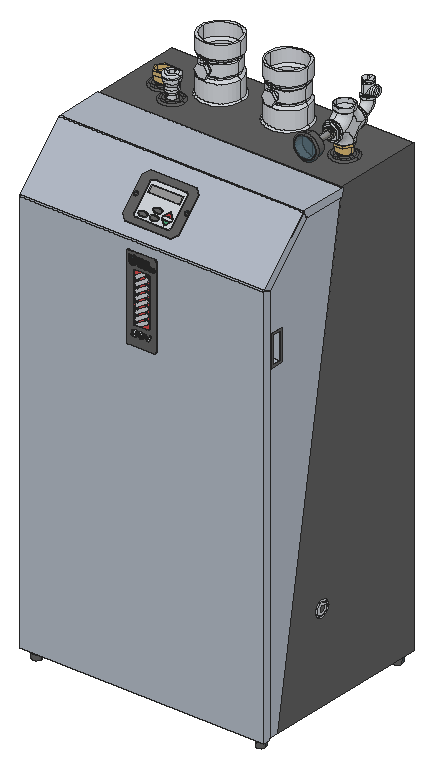
Revit family "Boiler-Helix_SSV_399", category Mechanical Equipment, Revit 2017 (continued)
Automatic sketch dimensions
  Extrusion 18 sketch curve to Extrusion 18 sketch curve = 0' - 3"
  Extrusion 19 sketch curve to Extrusion 19 sketch curve = 0' - 0"  (x83)
  plane 16 to Extrusion 19 sketch curve = 0' - 0"
  Extrusion 19 sketch curve to plane 3 "Center (Left/Right)" = 0' - 1.36562"
  Extrusion 19 sketch curve to plane 8 = 1' - 4.13509"
  Extrusion 19 sketch curve to plane 3 "Center (Left/Right)" = 0' - 1.41108"
  Extrusion 19 sketch curve to Extrusion 19 sketch curve = 0' - 0.2785"
  Extrusion 19 sketch curve to Extrusion 19 sketch curve = 0' - 0.32395"
  Extrusion 19 sketch curve to Extrusion 19 sketch curve = 0' - 0.07348"
  Extrusion 19 sketch curve to Extrusion 19 sketch curve = 0' - 0.21817"
  Extrusion 19 sketch curve to Extrusion 19 sketch curve = 0' - 0.07629"  (x2)
  Extrusion 19 sketch curve to Extrusion 19 sketch curve = 0' - 0.35993"
  Extrusion 19 sketch curve to Extrusion 19 sketch curve = 0' - 0.03861"
  Extrusion 19 sketch curve to plane 3 "Center (Left/Right)" = 0' - 0.8621"
  Extrusion 19 sketch curve to Extrusion 19 sketch curve = 0' - 0.09647"  (x3)
  Extrusion 19 sketch curve to Extrusion 19 sketch curve = 0' - 0.21895"
  Extrusion 19 sketch curve to Extrusion 19 sketch curve = 0' - 0.03885"
  Extrusion 19 sketch curve to Extrusion 19 sketch curve = 0' - 0.04787"
  Extrusion 19 sketch curve to Extrusion 19 sketch curve = 0' - 0.07294"  (x2)
  Extrusion 19 sketch curve to plane 3 "Center (Left/Right)" = 0' - 0.53946"
  Extrusion 19 sketch curve to Extrusion 19 sketch curve = 0' - 0.07042"  (x2)
  Extrusion 19 sketch curve to Extrusion 19 sketch curve = 0' - 0.10997"  (x2)
  Extrusion 19 sketch curve to Extrusion 19 sketch curve = 0' - 0.11857"
  Extrusion 19 sketch curve to Extrusion 19 sketch curve = 0' - 0.09481"
  Extrusion 19 sketch curve to Extrusion 19 sketch curve = 0' - 0.0958"  (x2)
  Extrusion 19 sketch curve to Extrusion 19 sketch curve = 0' - 0.03531"
  Extrusion 19 sketch curve to Extrusion 19 sketch curve = 0' - 0.04669"
  Extrusion 19 sketch curve to Extrusion 19 sketch curve = 0' - 0.02114"
  Extrusion 19 sketch curve to Extrusion 19 sketch curve = 0' - 0.04967"
  Extrusion 19 sketch curve to Extrusion 19 sketch curve = 0' - 0.10588"
  Extrusion 19 sketch curve to Extrusion 19 sketch curve = 0' - 0 3/128"
  Extrusion 19 sketch curve to plane 3 "Center (Left/Right)" = 0' - 0.04693"
  plane 3 "Center (Left/Right)" to Extrusion 19 sketch curve = 0' - 0.00164"  (x2)
  plane 3 "Center (Left/Right)" to Extrusion 19 sketch curve = 0' - 0.0502"
  Extrusion 19 sketch curve to Extrusion 19 sketch curve = 0' - 0.08262"
  Extrusion 19 sketch curve to Extrusion 19 sketch curve = 0' - 0.09997"
  plane 3 "Center (Left/Right)" to Extrusion 19 sketch curve = 0' - 0.1871"
  Extrusion 19 sketch curve to Extrusion 19 sketch curve = 0' - 0.10118"
  plane 3 "Center (Left/Right)" to Extrusion 19 sketch curve = 0' - 0.26896"
  Extrusion 19 sketch curve to Extrusion 19 sketch curve = 0' - 0.02246"
  Extrusion 19 sketch curve to Extrusion 19 sketch curve = 0' - 0.10261"
  Extrusion 19 sketch curve to Extrusion 19 sketch curve = 0' - 0.01885"
  Extrusion 19 sketch curve to Extrusion 19 sketch curve = 0' - 0.17218"  (x2)
  Extrusion 19 sketch curve to Extrusion 19 sketch curve = 0' - 0.079"
  Extrusion 19 sketch curve to Extrusion 19 sketch curve = 0' - 0 13/128"
  Extrusion 19 sketch curve to Extrusion 19 sketch curve = 0' - 0.03389"
  Extrusion 19 sketch curve to Extrusion 19 sketch curve = 0' - 0.07365"
  Extrusion 19 sketch curve to Extrusion 19 sketch curve = 0' - 0.02383"
  Extrusion 19 sketch curve to Extrusion 19 sketch curve = 0' - 0.05863"
  plane 3 "Center (Left/Right)" to Extrusion 19 sketch curve = 0' - 0.60623"
  Extrusion 19 sketch curve to Extrusion 19 sketch curve = 0' - 0.06952"
  Extrusion 19 sketch curve to Extrusion 19 sketch curve = 0' - 0.13088"
  Extrusion 19 sketch curve to Extrusion 19 sketch curve = 0' - 0.10896"
  Extrusion 19 sketch curve to Extrusion 19 sketch curve = 0' - 0.06226"
  Extrusion 19 sketch curve to Extrusion 19 sketch curve = 0' - 0.07978"
  Extrusion 19 sketch curve to Extrusion 19 sketch curve = 0' - 0.08728"  (x2)
  Extrusion 19 sketch curve to Extrusion 19 sketch curve = 0' - 0.11514"
  Extrusion 19 sketch curve to Extrusion 19 sketch curve = 0' - 0.10318"
  Extrusion 19 sketch curve to Extrusion 19 sketch curve = 0' - 0.09735"
  Extrusion 19 sketch curve to Extrusion 19 sketch curve = 0' - 0.15659"
  Extrusion 19 sketch curve to Extrusion 19 sketch curve = 0' - 0.33927"
  Extrusion 19 sketch curve to Extrusion 19 sketch curve = 0' - 0.11566"
  Extrusion 19 sketch curve to Extrusion 19 sketch curve = 0' - 0.01256"
  Extrusion 19 sketch curve to Extrusion 19 sketch curve = 0' - 0.12823"
  Extrusion 19 sketch curve to Extrusion 19 sketch curve = 0' - 0.0164"
  Extrusion 19 sketch curve to Extrusion 19 sketch curve = 0' - 0.48272"
  Extrusion 19 sketch curve to Extrusion 19 sketch curve = 0' - 0.0956"
  Extrusion 19 sketch curve to Extrusion 19 sketch curve = 0' - 0.11413"
  Extrusion 19 sketch curve to Extrusion 19 sketch curve = 0' - 0.04802"
  Extrusion 19 sketch curve to Extrusion 19 sketch curve = 0' - 0.05658"
  Extrusion 19 sketch curve to Extrusion 19 sketch curve = 0' - 0.00873"
  Extrusion 19 sketch curve to Extrusion 19 sketch curve = 0' - 0.0911"
  Extrusion 19 sketch curve to Extrusion 19 sketch curve = 0' - 0.06749"
  Extrusion 19 sketch curve to Extrusion 19 sketch curve = 0' - 0.11269"
  Extrusion 19 sketch curve to Extrusion 19 sketch curve = 0' - 0.09816"
  Extrusion 19 sketch curve to Extrusion 19 sketch curve = 0' - 0.09327"
  plane 16 to Extrusion 19 sketch curve = 0' - 0.32395"  (x2)
  Extrusion 19 sketch curve to Extrusion 19 sketch curve = 0' - 0.08881"
  Extrusion 19 sketch curve to Extrusion 19 sketch curve = 0' - 0.08424"
  Extrusion 19 sketch curve to Extrusion 19 sketch curve = 0' - 0.37748"
  Extrusion 19 sketch curve to Extrusion 19 sketch curve = 0' - 0.13555"
  Extrusion 19 sketch curve to Extrusion 19 sketch curve = 0' - 0.15705"
  Extrusion 19 sketch curve to Extrusion 19 sketch curve = 0' - 0.10862"
  Extrusion 19 sketch curve to Extrusion 19 sketch curve = 0' - 0 3/256"
  Extrusion 19 sketch curve to Extrusion 19 sketch curve = 0' - 0.22901"
  Extrusion 19 sketch curve to Extrusion 19 sketch curve = 0' - 0.03445"
  Extrusion 19 sketch curve to Extrusion 19 sketch curve = 0' - 0.02652"
  Extrusion 19 sketch curve to Extrusion 19 sketch curve = 0' - 0.04898"
  Extrusion 19 sketch curve to Extrusion 19 sketch curve = 0' - 0.0088"  (x2)
  Extrusion 19 sketch curve to Extrusion 19 sketch curve = 0' - 0.04351"
  Extrusion 19 sketch curve to Extrusion 19 sketch curve = 0' - 0.0283"
  Extrusion 19 sketch curve to Extrusion 19 sketch curve = 0' - 0.06703"  (x2)
  Extrusion 19 sketch curve to Extrusion 19 sketch curve = 0' - 0.04755"
  Extrusion 19 sketch curve to Extrusion 19 sketch curve = 0' - 0.00424"
  Extrusion 19 sketch curve to Extrusion 19 sketch curve = 0' - 0.08924"  (x2)
  Extrusion 19 sketch curve to Extrusion 19 sketch curve = 0' - 0.04552"  (x2)
  Extrusion 19 sketch curve to Extrusion 19 sketch curve = 0' - 0.05781"
  Extrusion 19 sketch curve to Extrusion 19 sketch curve = 0' - 0.03825"  (x2)
  Extrusion 19 sketch curve to Extrusion 19 sketch curve = 0' - 0.0483"  (x2)
  Extrusion 19 sketch curve to Extrusion 19 sketch curve = 0' - 0.01642"  (x2)
  Extrusion 19 sketch curve to Extrusion 19 sketch curve = 0' - 0.06549"
  Extrusion 19 sketch curve to Extrusion 19 sketch curve = 0' - 0.01209"  (x2)
  Extrusion 19 sketch curve to Extrusion 19 sketch curve = 0' - 0.05401"
  Extrusion 19 sketch curve to Extrusion 19 sketch curve = 0' - 0.09068"
  Extrusion 19 sketch curve to Extrusion 19 sketch curve = 0' - 0.10826"
  Extrusion 19 sketch curve to Extrusion 19 sketch curve = 0' - 0.15611"
  Extrusion 19 sketch curve to Extrusion 19 sketch curve = 0' - 0.00327"
  Extrusion 19 sketch curve to Extrusion 19 sketch curve = 0' - 0.0024"
  Extrusion 19 sketch curve to Extrusion 19 sketch curve = 0' - 0.1125"
  Extrusion 19 sketch curve to Extrusion 19 sketch curve = 0' - 0.05528"
  Extrusion 19 sketch curve to Extrusion 19 sketch curve = 0' - 0.17981"
  Extrusion 19 sketch curve to Extrusion 19 sketch curve = 0' - 0.01933"
  Extrusion 19 sketch curve to Extrusion 19 sketch curve = 0' - 0.18296"
  Extrusion 19 sketch curve to Extrusion 19 sketch curve = 0' - 0.12689"
  Extrusion 19 sketch curve to Extrusion 19 sketch curve = 0' - 0.00949"  (x2)
  Extrusion 19 sketch curve to Extrusion 19 sketch curve = 0' - 0.04998"
  Extrusion 19 sketch curve to Extrusion 19 sketch curve = 0' - 0.02543"
  Extrusion 19 sketch curve to Extrusion 19 sketch curve = 0' - 0.07168"
  Extrusion 19 sketch curve to Extrusion 19 sketch curve = 0' - 0.04929"
  Extrusion 19 sketch curve to Extrusion 19 sketch curve = 0' - 0.06817"
  Extrusion 19 sketch curve to Extrusion 19 sketch curve = 0' - 0.02295"
  Extrusion 19 sketch curve to Extrusion 19 sketch curve = 0' - 0.10729"
  Extrusion 19 sketch curve to Extrusion 19 sketch curve = 0' - 0.00814"
  Extrusion 19 sketch curve to Extrusion 19 sketch curve = 0' - 0.07174"
  Extrusion 19 sketch curve to Extrusion 19 sketch curve = 0' - 0.09389"
  Extrusion 19 sketch curve to Extrusion 19 sketch curve = 0' - 0.05233"
  Extrusion 19 sketch curve to Extrusion 19 sketch curve = 0' - 0.02208"  (x2)
  Extrusion 19 sketch curve to Extrusion 19 sketch curve = 0' - 0.07581"  (x2)
  Extrusion 19 sketch curve to Extrusion 19 sketch curve = 0' - 0.01719"  (x2)
  Extrusion 19 sketch curve to Extrusion 19 sketch curve = 0' - 0.10138"
  Extrusion 19 sketch curve to Extrusion 19 sketch curve = 0' - 0.13332"
  Extrusion 19 sketch curve to Extrusion 19 sketch curve = 0' - 0.04019"
  Extrusion 19 sketch curve to Extrusion 19 sketch curve = 0' - 0.11563"
  Extrusion 19 sketch curve to Extrusion 19 sketch curve = 0' - 0.03775"
  Extrusion 19 sketch curve to Extrusion 19 sketch curve = 0' - 0.00842"
  Extrusion 19 sketch curve to Extrusion 19 sketch curve = 0' - 0.03106"
  Extrusion 19 sketch curve to Extrusion 19 sketch curve = 0' - 0.01519"  (x2)
  Extrusion 19 sketch curve to Extrusion 19 sketch curve = 0' - 0.02803"
  Extrusion 19 sketch curve to Extrusion 19 sketch curve = 0' - 0.0696"
  Extrusion 19 sketch curve to Extrusion 19 sketch curve = 0' - 0.09497"
  Extrusion 19 sketch curve to plane 3 "Center (Left/Right)" = 0' - 0.13854"
  Extrusion 19 sketch curve to plane 3 "Center (Left/Right)" = 0' - 0.11192"
  Extrusion 19 sketch curve to plane 3 "Center (Left/Right)" = 0' - 0.08326"
  Extrusion 19 sketch curve to plane 3 "Center (Left/Right)" = 0' - 0.07556"
  Extrusion 19 sketch curve to plane 3 "Center (Left/Right)" = 0' - 0.07241"
  Extrusion 19 sketch curve to plane 3 "Center (Left/Right)" = 0' - 0.06566"
  Extrusion 19 sketch curve to plane 3 "Center (Left/Right)" = 0' - 0.04697"
  Extrusion 19 sketch curve to plane 3 "Center (Left/Right)" = 0' - 0.04024"
  Extrusion 19 sketch curve to plane 3 "Center (Left/Right)" = 0' - 0.02312"
  Extrusion 19 sketch curve to plane 3 "Center (Left/Right)" = 0' - 0.00018"
  plane 3 "Center (Left/Right)" to Extrusion 19 sketch curve = 0' - 0.03811"
  plane 3 "Center (Left/Right)" to Extrusion 19 sketch curve = 0' - 0.04691"
  plane 3 "Center (Left/Right)" to Extrusion 19 sketch curve = 0' - 0.06899"  (x2)
  Extrusion 19 sketch curve to Extrusion 19 sketch curve = 0' - 0.08886"
  Extrusion 19 sketch curve to Extrusion 19 sketch curve = 0' - 0.1353"
  Extrusion 19 sketch curve to Extrusion 19 sketch curve = 0' - 0.04095"
  Extrusion 19 sketch curve to Extrusion 19 sketch curve = 0' - 0.01164"
  Extrusion 19 sketch curve to Extrusion 19 sketch curve = 0' - 0.04424"
  Extrusion 19 sketch curve to Extrusion 19 sketch curve = 0' - 0.0254"
  Extrusion 19 sketch curve to Extrusion 19 sketch curve = 0' - 0.02354"
  Extrusion 19 sketch curve to Extrusion 19 sketch curve = 0' - 0.13391"
  Extrusion 19 sketch curve to Extrusion 19 sketch curve = 0' - 0.00229"
  Extrusion 19 sketch curve to Extrusion 19 sketch curve = 0' - 0.03986"
  Extrusion 19 sketch curve to Extrusion 19 sketch curve = 0' - 0.01868"
  Extrusion 19 sketch curve to Extrusion 19 sketch curve = 0' - 0.0285"
  Extrusion 19 sketch curve to Extrusion 19 sketch curve = 0' - 0.04232"
  Extrusion 19 sketch curve to Extrusion 19 sketch curve = 0' - 0.09256"
  Extrusion 19 sketch curve to Extrusion 19 sketch curve = 0' - 0.01788"
  Extrusion 19 sketch curve to Extrusion 19 sketch curve = 0' - 0.06989"
  Extrusion 19 sketch curve to Extrusion 19 sketch curve = 0' - 0.00421"
  Extrusion 19 sketch curve to Extrusion 19 sketch curve = 0' - 0.03043"
  Extrusion 19 sketch curve to Extrusion 19 sketch curve = 0' - 0.01941"
  Extrusion 19 sketch curve to Extrusion 19 sketch curve = 0' - 0.00213"
  Extrusion 19 sketch curve to Extrusion 19 sketch curve = 0' - 0.00027"
  Extrusion 19 sketch curve to Extrusion 19 sketch curve = 0' - 0.02357"
  Extrusion 19 sketch curve to Extrusion 19 sketch curve = 0' - 0.0028"
  Extrusion 19 sketch curve to Extrusion 19 sketch curve = 0' - 0.00286"
  Extrusion 19 sketch curve to Extrusion 19 sketch curve = 0' - 0.00034"
  Extrusion 19 sketch curve to Extrusion 19 sketch curve = 0' - 0.00111"
  Extrusion 19 sketch curve to Extrusion 19 sketch curve = 0' - 0.02212"
  Extrusion 19 sketch curve to Extrusion 19 sketch curve = 0' - 0.01583"
  Extrusion 19 sketch curve to Extrusion 19 sketch curve = 0' - 0.01125"
  Extrusion 19 sketch curve to Extrusion 19 sketch curve = 0' - 0.03953"
  Extrusion 19 sketch curve to Extrusion 19 sketch curve = 0' - 0.01506"
  Extrusion 19 sketch curve to Extrusion 19 sketch curve = 0' - 0.09886"
  Extrusion 19 sketch curve to Extrusion 19 sketch curve = 0' - 0.67683"
  Extrusion 19 sketch curve to Extrusion 19 sketch curve = 0' - 0.79462"
  Extrusion 19 sketch curve to Extrusion 19 sketch curve = 0' - 0.1399"
  Extrusion 19 sketch curve to Extrusion 19 sketch curve = 0' - 0.09304"  (x2)
  Extrusion 19 sketch curve to Extrusion 19 sketch curve = 0' - 0.26686"
  Extrusion 19 sketch curve to Extrusion 19 sketch curve = 0' - 0.02112"
  Extrusion 19 sketch curve to Extrusion 19 sketch curve = 0' - 0.08588"  (x2)
  Extrusion 19 sketch curve to Extrusion 19 sketch curve = 0' - 0.05003"
  Extrusion 19 sketch curve to Extrusion 19 sketch curve = 0' - 0.47369"
  Extrusion 19 sketch curve to Extrusion 19 sketch curve = 0' - 0.54614"
  Extrusion 19 sketch curve to Extrusion 19 sketch curve = 0' - 5.30706"
  Extrusion 19 sketch curve to Extrusion 19 sketch curve = 0' - 0.46098"
  Extrusion 19 sketch curve to Extrusion 19 sketch curve = 0' - 0.46778"
  Extrusion 19 sketch curve to Extrusion 19 sketch curve = 0' - 0.08918"
  Extrusion 19 sketch curve to Extrusion 19 sketch curve = 0' - 0.09843"
  Extrusion 19 sketch curve to Extrusion 19 sketch curve = 0' - 0.12791"
  Extrusion 19 sketch curve to Extrusion 19 sketch curve = 0' - 0.00997"
  Extrusion 19 sketch curve to Extrusion 19 sketch curve = 0' - 0.00791"
  Extrusion 19 sketch curve to Extrusion 19 sketch curve = 0' - 0.06645"  (x2)
  Extrusion 19 sketch curve to Extrusion 19 sketch curve = 0' - 0.06724"
  Extrusion 19 sketch curve to Extrusion 19 sketch curve = 0' - 0.06113"
  Extrusion 19 sketch curve to Extrusion 19 sketch curve = 0' - 0.08795"
  Extrusion 19 sketch curve to Extrusion 19 sketch curve = 0' - 0.09399"
  Extrusion 19 sketch curve to Extrusion 19 sketch curve = 0' - 0.06911"
  Extrusion 19 sketch curve to Extrusion 19 sketch curve = 0' - 0.3926"
  Extrusion 19 sketch curve to Extrusion 19 sketch curve = 0' - 0.08877"  (x2)
  Extrusion 19 sketch curve to Extrusion 19 sketch curve = 0' - 0.01497"
  Extrusion 19 sketch curve to Extrusion 19 sketch curve = 0' - 0.05192"
  Extrusion 19 sketch curve to Extrusion 19 sketch curve = 0' - 0.05593"
  Extrusion 19 sketch curve to Extrusion 19 sketch curve = 0' - 0.07719"
  Extrusion 19 sketch curve to Extrusion 19 sketch curve = 0' - 0.06613"
  Extrusion 19 sketch curve to Extrusion 19 sketch curve = 0' - 0.0345"
  Extrusion 19 sketch curve to Extrusion 19 sketch curve = 0' - 0.17119"
  Extrusion 19 sketch curve to Extrusion 19 sketch curve = 0' - 0.00543"
  Extrusion 19 sketch curve to Extrusion 19 sketch curve = 0' - 0.09288"
  Extrusion 19 sketch curve to Extrusion 19 sketch curve = 0' - 0.11538"
  Extrusion 19 sketch curve to Extrusion 19 sketch curve = 0' - 0.0923"
  Extrusion 19 sketch curve to Extrusion 19 sketch curve = 0' - 0.03662"
  Extrusion 19 sketch curve to Extrusion 19 sketch curve = 0' - 0.31917"
  Extrusion 19 sketch curve to Extrusion 19 sketch curve = 0' - 0.40532"
  Extrusion 19 sketch curve to Extrusion 19 sketch curve = 0' - 0.09914"
  Extrusion 19 sketch curve to Extrusion 19 sketch curve = 0' - 0.08692"
  Extrusion 19 sketch curve to Extrusion 19 sketch curve = 0' - 0.04017"
  Extrusion 19 sketch curve to Extrusion 19 sketch curve = 0' - 0.0969"
  Extrusion 19 sketch curve to Extrusion 19 sketch curve = 0' - 0.078"
  Extrusion 19 sketch curve to Extrusion 19 sketch curve = 0' - 0.07879"
  Extrusion 19 sketch curve to Extrusion 19 sketch curve = 0' - 0.17102"
  Extrusion 19 sketch curve to Extrusion 19 sketch curve = 0' - 0.01344"
  Extrusion 19 sketch curve to Extrusion 19 sketch curve = 0' - 0.22455"
  Extrusion 19 sketch curve to Extrusion 19 sketch curve = 0' - 0.15528"
  Extrusion 19 sketch curve to Extrusion 19 sketch curve = 0' - 0.02955"
  Extrusion 19 sketch curve to Extrusion 19 sketch curve = 0' - 0.01356"
  Extrusion 19 sketch curve to Extrusion 19 sketch curve = 0' - 0.01734"
  Extrusion 19 sketch curve to Extrusion 19 sketch curve = 0' - 0.16572"
  Extrusion 19 sketch curve to Extrusion 19 sketch curve = 0' - 0.04252"
  Extrusion 19 sketch curve to Extrusion 19 sketch curve = 0' - 0.02147"
  Extrusion 19 sketch curve to Extrusion 19 sketch curve = 0' - 0.01384"
  Extrusion 20 sketch curve to plane 3 "Center (Left/Right)" = 0' - 0.74262"
  Extrusion 20 sketch curve to plane 3 "Center (Left/Right)" = 0' - 0.71208"
  Extrusion 20 sketch curve to plane 8 = 1' - 1.9527"
  Extrusion 20 sketch curve to plane 3 "Center (Left/Right)" = 0' - 0.65294"  (x7)
  Extrusion 20 sketch curve to Extrusion 20 sketch curve = 0' - 0.18802"  (x12)
  Extrusion 20 sketch curve to Extrusion 20 sketch curve = 0' - 0.24715"
  Extrusion 20 sketch curve to Extrusion 20 sketch curve = 0' - 0.03376"  (x7)
  Extrusion 20 sketch curve to Extrusion 20 sketch curve = 0' - 0.11798"  (x14)
  Extrusion 20 sketch curve to plane 3 "Center (Left/Right)" = 0' - 0.04199"
  Extrusion 20 sketch curve to plane 3 "Center (Left/Right)" = 0' - 0.01189"
  plane 3 "Center (Left/Right)" to Extrusion 20 sketch curve = 0' - 0.35112"  (x7)
  Extrusion 20 sketch curve to Extrusion 20 sketch curve = 0' - 0.08422"  (x7)
  Extrusion 20 sketch curve to Extrusion 20 sketch curve = 0' - 0.22178"
  Extrusion 20 sketch curve to Extrusion 20 sketch curve = 0' - 0.26666"
  Extrusion 20 sketch curve to Extrusion 20 sketch curve = 0' - 0.08186"  (x14)
  Extrusion 20 sketch curve to Extrusion 20 sketch curve = 0' - 0.04211"  (x14)
  Extrusion 20 sketch curve to Extrusion 20 sketch curve = 0' - 0.03054"
  Extrusion 20 sketch curve to Extrusion 20 sketch curve = 0' - 0.24967"
  Extrusion 20 sketch curve to Extrusion 20 sketch curve = 0' - 0.07662"  (x14)
  Extrusion 20 sketch curve to Extrusion 20 sketch curve = 0' - 0.45401"
  Extrusion 20 sketch curve to Extrusion 20 sketch curve = 0' - 0.12969"  (x14)
  Extrusion 20 sketch curve to Extrusion 20 sketch curve = 0' - 0.34151"  (x14)
  Extrusion 20 sketch curve to Extrusion 20 sketch curve = 0' - 0.16089"  (x11)
  Extrusion 20 sketch curve to Extrusion 20 sketch curve = 0' - 0.15531"
  Extrusion 20 sketch curve to Extrusion 20 sketch curve = 0' - 0.283"
  Extrusion 21 sketch curve to plane 3 "Center (Left/Right)" = 0' - 0.8621"
  Extrusion 21 sketch curve to plane 3 "Center (Left/Right)" = 0' - 0 49/64"
  Extrusion 21 sketch curve to plane 8 = 1' - 1.97456"
  Extrusion 21 sketch curve to Extrusion 21 sketch curve = 0' - 0.09647"  (x2)
  Extrusion 21 sketch curve to Extrusion 21 sketch curve = 0' - 0.02302"
  Extrusion 21 sketch curve to Extrusion 21 sketch curve = 0' - 0.03054"  (x2)
  Extrusion 21 sketch curve to Extrusion 21 sketch curve = 0' - 0.11269"
  Extrusion 21 sketch curve to plane 3 "Center (Left/Right)" = 0' - 0.65294"  (x6)
  Extrusion 21 sketch curve to Extrusion 21 sketch curve = 0' - 0.18802"  (x12)
  Extrusion 21 sketch curve to Extrusion 21 sketch curve = 0' - 0.30071"
  Extrusion 21 sketch curve to Extrusion 21 sketch curve = 0' - 0.03376"  (x7)
  Extrusion 21 sketch curve to Extrusion 21 sketch curve = 0' - 0.11798"  (x14)
  Extrusion 21 sketch curve to plane 3 "Center (Left/Right)" = 0' - 0.04199"
  Extrusion 21 sketch curve to plane 3 "Center (Left/Right)" = 0' - 0.01189"
  plane 3 "Center (Left/Right)" to Extrusion 21 sketch curve = 0' - 0.35112"  (x7)
  Extrusion 21 sketch curve to Extrusion 21 sketch curve = 0' - 0.08422"  (x7)
  Extrusion 21 sketch curve to Extrusion 21 sketch curve = 0' - 0.22178"
  Extrusion 21 sketch curve to Extrusion 21 sketch curve = 0' - 0.26666"
  Extrusion 21 sketch curve to Extrusion 21 sketch curve = 0' - 0.05567"
  Extrusion 21 sketch curve to Extrusion 21 sketch curve = 0' - 0.13431"
  Extrusion 21 sketch curve to Extrusion 21 sketch curve = 0' - 0.08186"  (x14)
  Extrusion 21 sketch curve to Extrusion 21 sketch curve = 0' - 0.04211"  (x14)
  Extrusion 21 sketch curve to Extrusion 21 sketch curve = 0' - 0.02186"
  Extrusion 21 sketch curve to Extrusion 21 sketch curve = 0' - 0.17506"
  Extrusion 21 sketch curve to Extrusion 21 sketch curve = 0' - 0.07662"  (x14)
  Extrusion 21 sketch curve to Extrusion 21 sketch curve = 0' - 0.3794"
  Extrusion 21 sketch curve to Extrusion 21 sketch curve = 0' - 0.12969"  (x14)
  Extrusion 21 sketch curve to Extrusion 21 sketch curve = 0' - 0.34151"  (x14)
  Extrusion 21 sketch curve to Extrusion 21 sketch curve = 0' - 0.16089"  (x11)
  Extrusion 21 sketch curve to Extrusion 21 sketch curve = 0' - 0.15531"
  Extrusion 21 sketch curve to Extrusion 21 sketch curve = 0' - 0.12759"
  Extrusion 21 sketch curve to Extrusion 21 sketch curve = 0' - 0.01768"
  Extrusion 22 sketch curve to Extrusion 22 sketch curve = 0' - 0"  (x39)
  Extrusion 22 sketch curve to plane 3 "Center (Left/Right)" = 0' - 0.45048"
  plane 3 "Center (Left/Right)" to Extrusion 22 sketch curve = 0' - 0.62287"
  Extrusion 22 sketch curve to plane 8 = 0' - 8.01358"
  Extrusion 22 sketch curve to Extrusion 22 sketch curve = 0' - 0.09481"
  Extrusion 22 sketch curve to Extrusion 22 sketch curve = 0' - 0.0958"  (x2)
  Extrusion 22 sketch curve to Extrusion 22 sketch curve = 0' - 0.03531"
  Extrusion 22 sketch curve to Extrusion 22 sketch curve = 0' - 0.04669"
  Extrusion 22 sketch curve to Extrusion 22 sketch curve = 0' - 0.02114"
  Extrusion 22 sketch curve to Extrusion 22 sketch curve = 0' - 0.04967"
  Extrusion 22 sketch curve to Extrusion 22 sketch curve = 0' - 0.10588"
  Extrusion 22 sketch curve to Extrusion 22 sketch curve = 0' - 0 3/128"
  Extrusion 22 sketch curve to plane 3 "Center (Left/Right)" = 0' - 0.04693"
  plane 3 "Center (Left/Right)" to Extrusion 22 sketch curve = 0' - 0.00164"  (x2)
  Extrusion 22 sketch curve to Extrusion 22 sketch curve = 0' - 0.04856"
  Extrusion 22 sketch curve to Extrusion 22 sketch curve = 0' - 0.08262"
  Extrusion 22 sketch curve to Extrusion 22 sketch curve = 0' - 0.01735"
  Extrusion 22 sketch curve to Extrusion 22 sketch curve = 0' - 0.10118"
  Extrusion 22 sketch curve to Extrusion 22 sketch curve = 0' - 0.01761"
  Extrusion 22 sketch curve to Extrusion 22 sketch curve = 0' - 0.10261"
  Extrusion 22 sketch curve to Extrusion 22 sketch curve = 0' - 0.01885"
  Extrusion 22 sketch curve to Extrusion 22 sketch curve = 0' - 0.079"
  Extrusion 22 sketch curve to Extrusion 22 sketch curve = 0' - 0 13/128"
  Extrusion 22 sketch curve to Extrusion 22 sketch curve = 0' - 0.03389"
  Extrusion 22 sketch curve to Extrusion 22 sketch curve = 0' - 0.07365"
  Extrusion 22 sketch curve to Extrusion 22 sketch curve = 0' - 0.02383"
  Extrusion 22 sketch curve to Extrusion 22 sketch curve = 0' - 0.05863"
  Extrusion 22 sketch curve to Extrusion 22 sketch curve = 0' - 0.06952"
  Extrusion 22 sketch curve to Extrusion 22 sketch curve = 0' - 0.01197"
  Extrusion 22 sketch curve to Extrusion 22 sketch curve = 0' - 0.07978"
  Extrusion 22 sketch curve to Extrusion 22 sketch curve = 0' - 0.06226"
  Extrusion 22 sketch curve to Extrusion 22 sketch curve = 0' - 0.04665"
  Extrusion 22 sketch curve to Extrusion 22 sketch curve = 0' - 0.10318"
  Extrusion 22 sketch curve to Extrusion 22 sketch curve = 0' - 0.11514"
  Extrusion 22 sketch curve to Extrusion 22 sketch curve = 0' - 0.09735"
  Extrusion 22 sketch curve to Extrusion 22 sketch curve = 0' - 0.11566"
  Extrusion 22 sketch curve to Extrusion 22 sketch curve = 0' - 0.01256"  (x2)
  Extrusion 22 sketch curve to Extrusion 22 sketch curve = 0' - 0.0164"
  Extrusion 22 sketch curve to Extrusion 22 sketch curve = 0' - 0.0956"
  Extrusion 22 sketch curve to Extrusion 22 sketch curve = 0' - 0.00213"  (x2)
  Extrusion 22 sketch curve to Extrusion 22 sketch curve = 0' - 0.04802"
  Extrusion 22 sketch curve to Extrusion 22 sketch curve = 0' - 0.05658"
  Extrusion 22 sketch curve to Extrusion 22 sketch curve = 0' - 0.00873"
  Extrusion 22 sketch curve to Extrusion 22 sketch curve = 0' - 0.0911"
  Extrusion 22 sketch curve to Extrusion 22 sketch curve = 0' - 0.06749"
  Extrusion 22 sketch curve to Extrusion 22 sketch curve = 0' - 0.11269"
  Extrusion 22 sketch curve to Extrusion 22 sketch curve = 0' - 0.09816"
  Extrusion 22 sketch curve to Extrusion 22 sketch curve = 0' - 0.09327"
  Extrusion 22 sketch curve to Extrusion 22 sketch curve = 0' - 0.08881"
  Extrusion 22 sketch curve to Extrusion 22 sketch curve = 0' - 0.08424"
  Extrusion 22 sketch curve to Extrusion 22 sketch curve = 0' - 0.03775"
  Extrusion 22 sketch curve to Extrusion 22 sketch curve = 0' - 0.00842"
  Extrusion 22 sketch curve to Extrusion 22 sketch curve = 0' - 0.03106"
  Extrusion 22 sketch curve to Extrusion 22 sketch curve = 0' - 0.01519"  (x2)
  Extrusion 22 sketch curve to Extrusion 22 sketch curve = 0' - 0.02803"
  Extrusion 22 sketch curve to Extrusion 22 sketch curve = 0' - 0.0696"
  Extrusion 22 sketch curve to Extrusion 22 sketch curve = 0' - 0.06595"
  Extrusion 22 sketch curve to plane 3 "Center (Left/Right)" = 0' - 0.07954"
  plane 3 "Center (Left/Right)" to Extrusion 22 sketch curve = 0' - 0.03811"
  Extrusion 22 sketch curve to Extrusion 22 sketch curve = 0' - 0.04095"
  Extrusion 22 sketch curve to Extrusion 22 sketch curve = 0' - 0.01164"
  Extrusion 22 sketch curve to Extrusion 22 sketch curve = 0' - 0.04424"
  Extrusion 22 sketch curve to Extrusion 22 sketch curve = 0' - 0.0254"
  Extrusion 22 sketch curve to Extrusion 22 sketch curve = 0' - 0.02354"
  Extrusion 22 sketch curve to Extrusion 22 sketch curve = 0' - 0.13391"
  Extrusion 22 sketch curve to Extrusion 22 sketch curve = 0' - 0.00229"
  Extrusion 22 sketch curve to Extrusion 22 sketch curve = 0' - 0.03986"
  Extrusion 22 sketch curve to Extrusion 22 sketch curve = 0' - 0.01868"
  Extrusion 22 sketch curve to Extrusion 22 sketch curve = 0' - 0.0285"
  Extrusion 22 sketch curve to Extrusion 22 sketch curve = 0' - 0.04232"
  Extrusion 22 sketch curve to Extrusion 22 sketch curve = 0' - 0.09256"
  Extrusion 22 sketch curve to Extrusion 22 sketch curve = 0' - 0.01788"
  Extrusion 22 sketch curve to Extrusion 22 sketch curve = 0' - 0.06989"
  Extrusion 22 sketch curve to Extrusion 22 sketch curve = 0' - 0.00421"
  Extrusion 22 sketch curve to Extrusion 22 sketch curve = 0' - 0.03043"
  Extrusion 22 sketch curve to Extrusion 22 sketch curve = 0' - 0.01941"
  Extrusion 22 sketch curve to Extrusion 22 sketch curve = 0' - 0.00027"
  Extrusion 22 sketch curve to Extrusion 22 sketch curve = 0' - 0.02357"
  Extrusion 22 sketch curve to Extrusion 22 sketch curve = 0' - 0.0028"
  Extrusion 22 sketch curve to Extrusion 22 sketch curve = 0' - 0.00286"
  Extrusion 22 sketch curve to Extrusion 22 sketch curve = 0' - 0.00034"
  Extrusion 22 sketch curve to Extrusion 22 sketch curve = 0' - 0.00111"
  Extrusion 22 sketch curve to Extrusion 22 sketch curve = 0' - 0.02212"
  Extrusion 22 sketch curve to Extrusion 22 sketch curve = 0' - 0.01583"
  Extrusion 22 sketch curve to Extrusion 22 sketch curve = 0' - 0.01125"
  Extrusion 22 sketch curve to Extrusion 22 sketch curve = 0' - 0.03953"
  Extrusion 22 sketch curve to Extrusion 22 sketch curve = 0' - 0.01506"
  Extrusion 22 sketch curve to Extrusion 22 sketch curve = 0' - 0.09886"
  Extrusion 22 sketch curve to Extrusion 22 sketch curve = 0' - 0.0068"
  Extrusion 22 sketch curve to Extrusion 22 sketch curve = 0' - 0.08918"
  Extrusion 22 sketch curve to Extrusion 22 sketch curve = 0' - 0.09843"  (x2)
  Extrusion 22 sketch curve to Extrusion 22 sketch curve = 0' - 0.12791"
  Extrusion 22 sketch curve to Extrusion 22 sketch curve = 0' - 0.00997"
  Extrusion 22 sketch curve to Extrusion 22 sketch curve = 0' - 0.00791"
  Extrusion 22 sketch curve to Extrusion 22 sketch curve = 0' - 0.06645"  (x2)
  Extrusion 22 sketch curve to Extrusion 22 sketch curve = 0' - 0.06724"
  Extrusion 22 sketch curve to Extrusion 22 sketch curve = 0' - 0.06113"
  Extrusion 22 sketch curve to Extrusion 22 sketch curve = 0' - 0.08795"
  Extrusion 22 sketch curve to Extrusion 22 sketch curve = 0' - 0.09399"
  Extrusion 22 sketch curve to Extrusion 22 sketch curve = 0' - 0.11581"
  Extrusion 22 sketch curve to Extrusion 22 sketch curve = 0' - 0.06911"
  Extrusion 22 sketch curve to Extrusion 22 sketch curve = 0' - 0.08877"  (x2)
  Extrusion 22 sketch curve to Extrusion 22 sketch curve = 0' - 0.0915"
  Extrusion 22 sketch curve to Extrusion 22 sketch curve = 0' - 0.05192"
  Extrusion 22 sketch curve to Extrusion 22 sketch curve = 0' - 0.05593"
  Extrusion 22 sketch curve to Extrusion 22 sketch curve = 0' - 0.07719"
  Extrusion 22 sketch curve to Extrusion 22 sketch curve = 0' - 0.04085"
  Extrusion 22 sketch curve to Extrusion 22 sketch curve = 0' - 0.0345"
  Extrusion 22 sketch curve to Extrusion 22 sketch curve = 0' - 0.17119"
  Extrusion 22 sketch curve to Extrusion 22 sketch curve = 0' - 0.00543"
  Extrusion 22 sketch curve to Extrusion 22 sketch curve = 0' - 0.09288"
  Extrusion 22 sketch curve to Extrusion 22 sketch curve = 0' - 0.0923"
  Extrusion 22 sketch curve to Extrusion 22 sketch curve = 0' - 0.03662"
  Extrusion 22 sketch curve to Extrusion 22 sketch curve = 0' - 0.31917"
  Extrusion 22 sketch curve to Extrusion 22 sketch curve = 0' - 0.08692"
  Extrusion 22 sketch curve to Extrusion 22 sketch curve = 0' - 0.04017"
  Extrusion 22 sketch curve to Extrusion 22 sketch curve = 0' - 0.0969"
  Extrusion 22 sketch curve to Extrusion 22 sketch curve = 0' - 0.01344"
  Extrusion 22 sketch curve to Extrusion 22 sketch curve = 0' - 0.20332"
  Extrusion 22 sketch curve to Extrusion 22 sketch curve = 0' - 0.02147"
  Extrusion 22 sketch curve to Extrusion 22 sketch curve = 0' - 0.01384"
  Extrusion 23 sketch curve to Extrusion 23 sketch curve = 0' - 0"  (x36)
  Extrusion 23 sketch curve to plane 3 "Center (Left/Right)" = 0' - 1.14745"
  plane 3 "Center (Left/Right)" to Extrusion 23 sketch curve = 0' - 0.60623"
  Extrusion 23 sketch curve to plane 8 = 1' - 3.1343"
  Extrusion 23 sketch curve to Extrusion 23 sketch curve = 0' - 0.07629"  (x2)
  Extrusion 23 sketch curve to plane 3 "Center (Left/Right)" = 0' - 0.53946"
  Extrusion 23 sketch curve to Extrusion 23 sketch curve = 0' - 0.07042"  (x2)
  Extrusion 23 sketch curve to Extrusion 23 sketch curve = 0' - 0.11857"
  plane 3 "Center (Left/Right)" to Extrusion 23 sketch curve = 0' - 0.1871"
  Extrusion 23 sketch curve to Extrusion 23 sketch curve = 0' - 0.02246"
  Extrusion 23 sketch curve to Extrusion 23 sketch curve = 0' - 0.17218"  (x2)
  Extrusion 23 sketch curve to Extrusion 23 sketch curve = 0' - 0.08728"  (x2)
  Extrusion 23 sketch curve to Extrusion 23 sketch curve = 0' - 0.48272"
  Extrusion 23 sketch curve to Extrusion 23 sketch curve = 0' - 0.0088"  (x3)
  Extrusion 23 sketch curve to Extrusion 23 sketch curve = 0' - 0.06703"  (x2)
  Extrusion 23 sketch curve to Extrusion 23 sketch curve = 0' - 0.08924"  (x2)
  Extrusion 23 sketch curve to Extrusion 23 sketch curve = 0' - 0.04552"  (x3)
  Extrusion 23 sketch curve to Extrusion 23 sketch curve = 0' - 0.03825"  (x2)
  Extrusion 23 sketch curve to Extrusion 23 sketch curve = 0' - 0.0483"  (x2)
  Extrusion 23 sketch curve to Extrusion 23 sketch curve = 0' - 0.01642"  (x2)
  Extrusion 23 sketch curve to Extrusion 23 sketch curve = 0' - 0.01209"  (x2)
  Extrusion 23 sketch curve to Extrusion 23 sketch curve = 0' - 0.05401"
  Extrusion 23 sketch curve to Extrusion 23 sketch curve = 0' - 0.09068"
  Extrusion 23 sketch curve to Extrusion 23 sketch curve = 0' - 0.05528"
  Extrusion 23 sketch curve to Extrusion 23 sketch curve = 0' - 0.17981"
  Extrusion 23 sketch curve to Extrusion 23 sketch curve = 0' - 0.18296"
  Extrusion 23 sketch curve to Extrusion 23 sketch curve = 0' - 0.12689"
  Extrusion 23 sketch curve to Extrusion 23 sketch curve = 0' - 0.00949"  (x2)
  Extrusion 23 sketch curve to Extrusion 23 sketch curve = 0' - 0.02543"
  Extrusion 23 sketch curve to Extrusion 23 sketch curve = 0' - 0.07168"
  Extrusion 23 sketch curve to Extrusion 23 sketch curve = 0' - 0.04929"
  Extrusion 23 sketch curve to Extrusion 23 sketch curve = 0' - 0.02295"
  Extrusion 23 sketch curve to Extrusion 23 sketch curve = 0' - 0.09389"
  Extrusion 23 sketch curve to Extrusion 23 sketch curve = 0' - 0.02208"  (x2)
  Extrusion 23 sketch curve to Extrusion 23 sketch curve = 0' - 0.07581"  (x2)
  Extrusion 23 sketch curve to Extrusion 23 sketch curve = 0' - 0.10138"
  Extrusion 23 sketch curve to Extrusion 23 sketch curve = 0' - 0.01719"  (x2)
  Extrusion 23 sketch curve to Extrusion 23 sketch curve = 0' - 0.11563"
  Extrusion 23 sketch curve to plane 3 "Center (Left/Right)" = 0' - 0.13854"
  Extrusion 23 sketch curve to plane 3 "Center (Left/Right)" = 0' - 0.11192"
  Extrusion 23 sketch curve to plane 3 "Center (Left/Right)" = 0' - 0.08326"
  Extrusion 23 sketch curve to plane 3 "Center (Left/Right)" = 0' - 0.07556"
  Extrusion 23 sketch curve to plane 3 "Center (Left/Right)" = 0' - 0.07241"
  Extrusion 23 sketch curve to plane 3 "Center (Left/Right)" = 0' - 0.06566"
  Extrusion 23 sketch curve to plane 3 "Center (Left/Right)" = 0' - 0.04697"
  Extrusion 23 sketch curve to plane 3 "Center (Left/Right)" = 0' - 0.04024"
  Extrusion 23 sketch curve to plane 3 "Center (Left/Right)" = 0' - 0.02312"
  Extrusion 23 sketch curve to plane 3 "Center (Left/Right)" = 0' - 0.00018"
  plane 3 "Center (Left/Right)" to Extrusion 23 sketch curve = 0' - 0.04691"
  plane 3 "Center (Left/Right)" to Extrusion 23 sketch curve = 0' - 0.06899"  (x2)
  Extrusion 23 sketch curve to Extrusion 23 sketch curve = 0' - 0.1353"
  Extrusion 23 sketch curve to Extrusion 23 sketch curve = 0' - 0.11779"
  Extrusion 23 sketch curve to Extrusion 23 sketch curve = 0' - 0.1399"
  Extrusion 23 sketch curve to Extrusion 23 sketch curve = 0' - 0.09304"  (x2)
  Extrusion 23 sketch curve to Extrusion 23 sketch curve = 0' - 0.26686"
  Extrusion 23 sketch curve to Extrusion 23 sketch curve = 0' - 0.02112"
  Extrusion 23 sketch curve to Extrusion 23 sketch curve = 0' - 0.08588"  (x2)
  Extrusion 23 sketch curve to Extrusion 23 sketch curve = 0' - 0.47369"
  Extrusion 23 sketch curve to Extrusion 23 sketch curve = 0' - 0.05003"
  Extrusion 24 sketch curve to Extrusion 24 sketch curve = 0' - 0"  (x14)
  Extrusion 24 sketch curve to plane 3 "Center (Left/Right)" = 0' - 1.41108"
  Extrusion 24 sketch curve to plane 3 "Center (Left/Right)" = 0' - 1.3376"
  Extrusion 24 sketch curve to plane 8 = 0' - 7.61418"
  Extrusion 24 sketch curve to Extrusion 24 sketch curve = 0' - 0.35993"
  Extrusion 24 sketch curve to Extrusion 24 sketch curve = 0' - 0.03861"
  Extrusion 24 sketch curve to Extrusion 24 sketch curve = 0' - 0.21895"
  Extrusion 24 sketch curve to Extrusion 24 sketch curve = 0' - 0.03885"
  Extrusion 24 sketch curve to Extrusion 24 sketch curve = 0' - 0.04787"
  Extrusion 24 sketch curve to Extrusion 24 sketch curve = 0' - 0.07294"  (x2)
  Extrusion 24 sketch curve to Extrusion 24 sketch curve = 0' - 0.37748"
  Extrusion 24 sketch curve to Extrusion 24 sketch curve = 0' - 0.13555"
  Extrusion 24 sketch curve to Extrusion 24 sketch curve = 0' - 0.15705"
  Extrusion 24 sketch curve to Extrusion 24 sketch curve = 0' - 0.10862"
  Extrusion 24 sketch curve to Extrusion 24 sketch curve = 0' - 0 3/256"
  Extrusion 24 sketch curve to Extrusion 24 sketch curve = 0' - 0.22901"
  Extrusion 24 sketch curve to Extrusion 24 sketch curve = 0' - 0.03445"
  Extrusion 24 sketch curve to Extrusion 24 sketch curve = 0' - 0.02652"
  Extrusion 24 sketch curve to Extrusion 24 sketch curve = 0' - 0.04898"
  Extrusion 24 sketch curve to Extrusion 24 sketch curve = 0' - 0.04351"
  Extrusion 24 sketch curve to Extrusion 24 sketch curve = 0' - 0.0283"
  Extrusion 24 sketch curve to Extrusion 24 sketch curve = 0' - 0.0969"
  Extrusion 24 sketch curve to Extrusion 24 sketch curve = 0' - 0.00424"
  Extrusion 24 sketch curve to Extrusion 24 sketch curve = 0' - 0.05781"
  Extrusion 24 sketch curve to Extrusion 24 sketch curve = 0' - 0.06549"
  Extrusion 24 sketch curve to Extrusion 24 sketch curve = 0' - 0.10826"
  Extrusion 24 sketch curve to Extrusion 24 sketch curve = 0' - 0.15611"
  Extrusion 24 sketch curve to Extrusion 24 sketch curve = 0' - 0.00327"
  Extrusion 24 sketch curve to Extrusion 24 sketch curve = 0' - 0.0024"
  Extrusion 24 sketch curve to Extrusion 24 sketch curve = 0' - 0.1125"
  Extrusion 24 sketch curve to Extrusion 24 sketch curve = 0' - 0.01933"
  Extrusion 24 sketch curve to Extrusion 24 sketch curve = 0' - 0.04998"
  Extrusion 24 sketch curve to Extrusion 24 sketch curve = 0' - 0.06817"
  Extrusion 24 sketch curve to Extrusion 24 sketch curve = 0' - 0.10729"
  Extrusion 24 sketch curve to Extrusion 24 sketch curve = 0' - 0.00814"
  Extrusion 24 sketch curve to Extrusion 24 sketch curve = 0' - 0.07174"
  Extrusion 24 sketch curve to Extrusion 24 sketch curve = 0' - 0.05233"
  Extrusion 24 sketch curve to Extrusion 24 sketch curve = 0' - 0.07147"
  Extrusion 24 sketch curve to Extrusion 24 sketch curve = 0' - 0.09313"
  Extrusion 24 sketch curve to plane 3 "Center (Left/Right)" = 0' - 0.1419"
  plane 3 "Center (Left/Right)" to Extrusion 24 sketch curve = 0' - 0.12696"
  Extrusion 24 sketch curve to Extrusion 24 sketch curve = 0' - 0.30698"
  Extrusion 24 sketch curve to Extrusion 24 sketch curve = 0' - 0.40532"
  Extrusion 24 sketch curve to Extrusion 24 sketch curve = 0' - 0.09914"
  Extrusion 24 sketch curve to Extrusion 24 sketch curve = 0' - 0.078"
  Extrusion 24 sketch curve to Extrusion 24 sketch curve = 0' - 0.07879"
  Extrusion 24 sketch curve to Extrusion 24 sketch curve = 0' - 0.22455"
  Extrusion 24 sketch curve to Extrusion 24 sketch curve = 0' - 0.15528"
  Extrusion 24 sketch curve to Extrusion 24 sketch curve = 0' - 0.02955"
  Extrusion 24 sketch curve to Extrusion 24 sketch curve = 0' - 0.01734"
  Extrusion 24 sketch curve to Extrusion 24 sketch curve = 0' - 0.16572"
  Extrusion 24 sketch curve to Extrusion 24 sketch curve = 0' - 0.04252"
  Extrusion 25 sketch curve to Extrusion 2 = 0' - 0"  (x4)
  Extrusion 2 to Extrusion 25 sketch curve = 0' - 0"  (x3)
  Extrusion 25 sketch curve to Extrusion 2 = 0' - 0.25729"
  Extrusion 25 sketch curve to Extrusion 2 = 0' - 0.04784"  (x2)
  Extrusion 25 sketch curve to Extrusion 2 = 0' - 0.61771"
  Extrusion 25 sketch curve to Extrusion 25 sketch curve = 0' - 0.25729"
  Extrusion 25 sketch curve to Extrusion 25 sketch curve = 0' - 0.04784"
  Extrusion 25 sketch curve to Extrusion 25 sketch curve = 0' - 0.11548"  (x4)
  Extrusion 25 sketch curve to Extrusion 2 = 0' - 0.92284"
  Extrusion 25 sketch curve to Extrusion 25 sketch curve = 0' - 0.36244"
  Extrusion 25 sketch curve to Extrusion 2 = 0' - 0 7/8"
  Extrusion 25 sketch curve to Extrusion 2 = 0' - 0.33756"  (x11)
  Extrusion 2 to Extrusion 25 sketch curve = 0' - 0.11225"
  Extrusion 25 sketch curve to Extrusion 25 sketch curve = 0' - 0.52556"  (x2)
  Extrusion 25 sketch curve to Extrusion 25 sketch curve = 0' - 0.04819"  (x2)
  Extrusion 25 sketch curve to Extrusion 25 sketch curve = 0' - 0.4057"  (x2)
  Extrusion 25 sketch curve to Extrusion 25 sketch curve = 0' - 0.19755"
  Extrusion 25 sketch curve to Extrusion 25 sketch curve = 0' - 0.47792"
  Extrusion 25 sketch curve to Extrusion 2 = 0' - 0.42799"
  Extrusion 25 sketch curve to Extrusion 25 sketch curve = 0' - 7 25/64"
  Extrusion 25 sketch curve to Extrusion 25 sketch curve = 0' - 5"  (x3)
  Extrusion 25 sketch curve to Extrusion 25 sketch curve = 0' - 4 13/16"  (x2)
  Extrusion 26 sketch curve to plane 7 = 0' - 0"
  Extrusion 26 sketch curve to plane 8 = 0' - 0"
  Extrusion 26 sketch curve to plane 8 = 0' - 0.04784"
  plane 7 to Extrusion 26 sketch curve = 0' - 0.04784"
  Extrusion 26 sketch curve to Extrusion 26 sketch curve = 0' - 0.61771"
  Extrusion 26 sketch curve to Extrusion 26 sketch curve = 0' - 0.25729"  (x2)
  Extrusion 26 sketch curve to Extrusion 26 sketch curve = 0' - 0.04784"
  plane 1 "Center (Front/Back)" to Extrusion 26 sketch curve = 0' - 5.04784"
  Extrusion 26 sketch curve to Extrusion 26 sketch curve = 0' - 0.11548"  (x4)
  Extrusion 26 sketch curve to plane 8 = 0' - 0.92284"
  Extrusion 26 sketch curve to Extrusion 26 sketch curve = 0' - 0.36244"  (x2)
  Extrusion 26 sketch curve to plane 1 "Center (Front/Back)" = 0' - 0.26789"
  Extrusion 26 sketch curve to plane 1 "Center (Front/Back)" = 0' - 0.42218"
  plane 7 to Extrusion 26 sketch curve = 0' - 0.33756"  (x9)
  Extrusion 26 sketch curve to Extrusion 26 sketch curve = 0' - 0.52556"  (x2)
  Extrusion 26 sketch curve to Extrusion 26 sketch curve = 0' - 0.04819"  (x2)
  Extrusion 26 sketch curve to Extrusion 26 sketch curve = 0' - 0.4057"  (x2)
  Extrusion 26 sketch curve to plane 1 "Center (Front/Back)" = 0' - 0.22463"
  Extrusion 26 sketch curve to plane 8 = 0' - 0 7/8"
  Extrusion 26 sketch curve to plane 8 = 0' - 5.51466"
  level to Extrusion 26 sketch curve = 0' - 1.30264"
  Extrusion 26 sketch curve to plane 8 = 0' - 0.33756"  (x2)
  Extrusion 26 sketch curve to Extrusion 26 sketch curve = 0' - 7.41269"
  Extrusion 26 sketch curve to Extrusion 26 sketch curve = 0' - 5 1/16"
  Extrusion 26 sketch curve to Extrusion 26 sketch curve = 0' - 4 13/16"  (x2)
  Extrusion 26 sketch curve to Extrusion 26 sketch curve = 0' - 5"  (x3)
  Extrusion 26 sketch curve to Extrusion 26 sketch curve = 0' - 0.42799"
  plane 18 to Extrusion 29 sketch curve = 2' - 2.24235"  (x2)
  plane 4 to Extrusion 29 sketch curve = 1' - 8 1/8"  (x2)
  Extrusion 29 sketch curve to Extrusion 29 sketch curve = 0' - 0"
  Extrusion 29 sketch curve to Extrusion 29 sketch curve = 1' - 7 1/8"
  Extrusion 29 sketch curve to plane 13 = 0' - 0"
  plane 4 to Extrusion 29 sketch curve = 0' - 1"
  Revolve 6 sketch curve to plane 8 = 0' - 0"
  plane 13 to Revolve 6 sketch curve = 0' - 3.76163"
  plane 8 to Revolve 6 sketch curve = 0' - 0.5534"
  Revolve 6 sketch curve to Revolve 6 sketch curve = 0' - 0.0255"
  Revolve 6 sketch curve to Revolve 6 sketch curve = 0' - 0.03946"
  plane 8 to Revolve 6 sketch curve = 0' - 1.85038"
  Revolve 6 sketch curve to Revolve 6 sketch curve = 0' - 0.04634"
  Revolve 6 sketch curve to Revolve 6 sketch curve = 0' - 0.17757"
  Revolve 6 sketch curve to Revolve 6 sketch curve = 0' - 0.11729"
  Revolve 6 sketch curve to Revolve 6 sketch curve = 0' - 0.04844"
  Revolve 6 sketch curve to Revolve 6 sketch curve = 0' - 0.35391"
  Revolve 6 sketch curve to Revolve 6 sketch curve = 0' - 0.17182"
  Revolve 6 sketch curve to Revolve 6 sketch curve = 0' - 0.22108"
  Revolve 6 sketch curve to Revolve 6 sketch curve = 0' - 0.33591"
  plane 8 to Revolve 6 sketch curve = 0' - 0.18021"
  Revolve 6 sketch curve to Revolve 6 sketch curve = 0' - 0.16876"
  Revolve 6 sketch curve to Revolve 6 sketch curve = 0' - 1.02605"
  Revolve 6 sketch curve to Revolve 6 sketch curve = 0' - 0.39264"
  Revolve 6 sketch curve to Revolve 6 sketch curve = 0' - 0.16755"
  Revolve 6 sketch curve to Revolve 6 sketch curve = 0' - 0.38137"
  Revolve 6 sketch curve to Revolve 6 sketch curve = 0' - 0.02352"
  Revolve 6 sketch curve to Revolve 6 sketch curve = 0' - 0.14462"
  Revolve 6 sketch curve to Revolve 6 sketch curve = 0' - 0.19861"
  plane 8 to Revolve 6 sketch curve = 0' - 2.33698"
  Revolve 6 sketch curve to Revolve 6 sketch curve = 0' - 1.43242"
  Revolve 6 sketch curve to Revolve 6 sketch curve = 0' - 0 1/4"
  Revolve 1 sketch curve to plane 8 = 0' - 0"  (x2)
  Revolve 1 sketch curve to plane 9 = 0' - 0"
  plane 13 to Revolve 1 sketch curve = 0' - 4.89275"
  plane 8 to Revolve 1 sketch curve = 0' - 0.18021"
  plane 9 to Revolve 1 sketch curve = 0' - 1 1/2"
  Revolve 1 sketch curve to Revolve 1 sketch curve = 0' - 0.18021"  (x2)
  plane 9 to Revolve 1 sketch curve = 0' - 2.08052"
  Revolve 1 sketch curve to Revolve 1 sketch curve = 0' - 0.21054"
  Revolve 1 sketch curve to Revolve 1 sketch curve = 0' - 0 1/4"  (x2)
  Revolve 1 sketch curve to Revolve 1 sketch curve = 0' - 0.09124"  (x7)
  plane 9 to Revolve 1 sketch curve = 0' - 1.98928"
  Revolve 1 sketch curve to Revolve 1 sketch curve = 0' - 0.15876"
  plane 9 to Revolve 1 sketch curve = 0' - 2.09283"
  plane 8 to Revolve 1 sketch curve = 0' - 2.6818"
  Revolve 1 sketch curve to Revolve 1 sketch curve = 0' - 2"
  Revolve 1 sketch curve to Revolve 1 sketch curve = 0' - 0.69638"
  Revolve 1 sketch curve to Revolve 1 sketch curve = 0' - 0.10355"  (x4)
  Revolve 1 sketch curve to Revolve 1 sketch curve = 0' - 0.39461"
  Revolve 1 sketch curve to Revolve 1 sketch curve = 0' - 0 3/16"  (x2)
  Revolve 1 sketch curve to plane 8 = 0' - 0 3/4"
  Revolve 16 sketch curve to plane 8 = 0' - 0"  (x2)
  Revolve 16 sketch curve to plane 9 = 0' - 0"
  Revolve 16 sketch curve to plane 3 "Center (Left/Right)" = 0' - 0.10725"
  plane 8 to Revolve 16 sketch curve = 0' - 0.18021"
  plane 3 "Center (Left/Right)" to Revolve 16 sketch curve = 0' - 0.07295"  (x2)
  plane 3 "Center (Left/Right)" to Revolve 16 sketch curve = 0' - 0.28349"
  plane 3 "Center (Left/Right)" to Revolve 16 sketch curve = 0' - 0.32295"  (x2)
  Revolve 16 sketch curve to Revolve 16 sketch curve = 0' - 0.09124"  (x8)
  Revolve 16 sketch curve to Revolve 16 sketch curve = 0' - 0.15876"
  Revolve 16 sketch curve to plane 16 = 0' - 0.63338"
  Revolve 16 sketch curve to Revolve 16 sketch curve = 0' - 1.80521"
  Revolve 16 sketch curve to Revolve 16 sketch curve = 0' - 0.10355"  (x6)
  Revolve 16 sketch curve to Revolve 16 sketch curve = 0' - 0.30178"  (x2)
  Revolve 16 sketch curve to Revolve 16 sketch curve = 0' - 0 3/16"  (x2)
  Revolve 16 sketch curve to Revolve 16 sketch curve = 0' - 1.04289"
  Revolve 16 sketch curve to Revolve 16 sketch curve = 0' - 1 3/4"
  Extrusion 27 sketch curve to Extrusion 27 sketch curve = 0' - 0"  (x6)
  Extrusion 27 sketch curve to Extrusion 2 = 0' - 5.2778"
  Extrusion 2 to Extrusion 27 sketch curve = 0' - 4.42893"
  Extrusion 27 sketch curve to Extrusion 2 = 0' - 5 217/256"
  Extrusion 27 sketch curve to Extrusion 27 sketch curve = 0' - 0.56987"  (x3)
  Extrusion 27 sketch curve to Extrusion 27 sketch curve = 0' - 0.32901"  (x4)
  Extrusion 27 sketch curve to Extrusion 27 sketch curve = 0' - 0.65802"  (x2)
  Extrusion 28 sketch curve to Extrusion 28 sketch curve = 0' - 0"  (x6)
  plane 1 "Center (Front/Back)" to Extrusion 28 sketch curve = 0' - 2.99548"
  plane 1 "Center (Front/Back)" to Extrusion 28 sketch curve = 0' - 2.42562"
  Extrusion 28 sketch curve to plane 20 = 0' - 10.61487"
  Extrusion 28 sketch curve to Extrusion 28 sketch curve = 0' - 0.56987"  (x3)
  Extrusion 28 sketch curve to Extrusion 28 sketch curve = 0' - 0.32901"  (x4)
  Extrusion 28 sketch curve to Extrusion 28 sketch curve = 0' - 0.65802"  (x2)
  radius of Extrusion 5 sketch curve = 0' - 0 1/2"  (x2)
  radius of Extrusion 10 sketch curve = 0' - 0.741"
  radius of Extrusion 13 sketch curve = 0' - 0.741"
  radius of Extrusion 15 sketch curve = 0' - 0 1/2"  (x4)
  radius of Extrusion 19 sketch curve = 0' - 0.21153"
  radius of Extrusion 19 sketch curve = 0' - 0.11764"
  radius of Extrusion 25 sketch curve = 0' - 0.08731"  (x13)
  radius of Extrusion 26 sketch curve = 0' - 0.08731"  (x13)
  radius of Extrusion 29 sketch curve = 0' - 0 1/4"  (x4)
  radius of Extrusion 27 sketch curve = 0' - 0.87259"
  radius of Extrusion 27 sketch curve = 0' - 0 3/4"
  radius of Extrusion 27 sketch curve = 0' - 0 3/8"
  radius of Extrusion 28 sketch curve = 0' - 0.87259"
  radius of Extrusion 28 sketch curve = 0' - 0 3/4"
  radius of Extrusion 28 sketch curve = 0' - 0 3/8"
Nested families (in)
  nested 1: "Helix-Faceplate_C" at (0, -7.87612, 49.12388) x (1, 0, 0) z (0, -0.7071, 0.7071), type "Helix-Faceplate_C"
  nested 2: "Assembly_Connection-8" at (10.16781, 3.47987, 53.49496), type "Assembly_Connection-8"
Connectors (in)
  piping at (2.32295, 7, 58), diameter 4
    settings: on Revolve 16, index 1, connector inside diameter 4", connector length 0' - 0", flow factor 0, pipe flow 0 GPM, pressure drop 0.00 psi, fitting loss kfactor 0, connector angle 0.00°, fixture units 0, engagement length 0' - 0", angle of deflection 0.00°, flow configuration 0, flow direction 0, fitting loss method 0, system type 7, joint type 0, gender type 0, connector reference index -1, connector utility 0, adjustable connector no, is connector primary yes, connector description ""
  piping at (-5.23955, 7, 58), diameter 4
    settings: on cut or joined group of Revolve 1, Extrusion 5, index 2, connector inside diameter 4", connector length 0' - 0", flow factor 0, pipe flow 0 GPM, pressure drop 0.00 psi, fitting loss kfactor 0, connector angle 0.00°, fixture units 0, engagement length 0' - 0", angle of deflection 0.00°, flow configuration 0, flow direction 0, fitting loss method 0, system type 7, joint type 0, gender type 0, connector reference index -1, connector utility 0, adjustable connector no, is connector primary no, connector description ""
  piping at (-10.15664, 5.14132, 53.49496), diameter 1.25
    settings: on Extrusion 10, index 3, connector inside diameter 1 51/128", connector length 0' - 0", flow factor 0, pipe flow 0 GPM, pressure drop 0.00 psi, fitting loss kfactor 0, connector angle 0.00°, fixture units 0, engagement length 0' - 0", angle of deflection 0.00°, flow configuration 0, flow direction 0, fitting loss method 0, system type 19, joint type 0, gender type 0, connector reference index -1, connector utility 0, adjustable connector no, is connector primary no, connector description ""
  piping at (10.15664, 5.14132, 53.49496), diameter 1.25
    settings: on Extrusion 13, index 4, connector inside diameter 1 51/128", connector length 0' - 0", flow factor 0, pipe flow 0 GPM, pressure drop 0.00 psi, fitting loss kfactor 0, connector angle 0.00°, fixture units 0, engagement length 0' - 0", angle of deflection 0.00°, flow configuration 0, flow direction 0, fitting loss method 0, system type 19, joint type 0, gender type 0, connector reference index -1, connector utility 0, adjustable connector no, is connector primary no, connector description ""
  piping at (13.67985, -2.42562, 11.0022), diameter 0.75
    settings: on Extrusion 27, index 5, connector inside diameter 3/4", connector length 0' - 0", flow factor 0, pipe flow 0 GPM, pressure drop 0.00 psi, fitting loss kfactor 0, connector angle 0.00°, fixture units 0, engagement length 0' - 0", angle of deflection 0.00°, flow configuration 0, flow direction 0, fitting loss method 0, system type 7, joint type 0, gender type 0, connector reference index -1, connector utility 0, adjustable connector no, is connector primary no, connector description ""
  piping at (-13.67985, -2.42562, 11.0022), diameter 0.75
    settings: on Extrusion 28, index 6, connector inside diameter 3/4", connector length 0' - 0", flow factor 0, pipe flow 0 GPM, pressure drop 0.00 psi, fitting loss kfactor 0, connector angle 0.00°, fixture units 0, engagement length 0' - 0", angle of deflection 0.00°, flow configuration 0, flow direction 0, fitting loss method 0, system type 7, joint type 0, gender type 0, connector reference index -1, connector utility 0, adjustable connector no, is connector primary no, connector description ""
  piping at (-7.8958, 3.5, 54.68021), diameter 0.75
    settings: on Revolve 6, index 7, connector inside diameter 3/4", connector length 0' - 0", flow factor 0, pipe flow 0 GPM, pressure drop 0.00 psi, fitting loss kfactor 0, connector angle 0.00°, fixture units 0, engagement length 0' - 0", angle of deflection 0.00°, flow configuration 0, flow direction 0, fitting loss method 0, system type 7, joint type 0, gender type 0, connector reference index -1, connector utility 0, adjustable connector no, is connector primary no, connector description ""
Definition of nested family "Helix-Faceplate_C"
  Parameters
    Default Elevation = 4' - 0"
  Reference planes (in)
    plane 1 "Center (Front/Back)": y = 0
    plane 2: z = 0
    plane 3 "Center (Left/Right)": x = 0
  Forms (in)
    Extrusion 1, solid
      sketch origin (0, 0, 0) x (1, 0, 0) y (0, 1, 0)
        loop
          line (-48, 48) -> (-48, -48) -> (48, -48) -> (48, 48) -> (-48, 48)
      from 0 to -12
    Extrusion 2, solid
      sketch origin (0, 14.97566, -16) x (1, 0, 0) y (0, 1, 0)
        loop
          line (-2.5625, -12.46316) -> (-3.13333, -13.03399) -> (-3.13333, -16.91733) -> (-2.5625, -17.48816) -> (2.5625, -17.48816) -> (3.13432, -16.91634) -> (3.13432, -13.03499) -> (2.5625, -12.46316) -> (-2.5625, -12.46316)
        loop
          arc (-1.76467, -13.13191) -> (-1.99669, -13.22802) -> (-2.0928, -13.46004) r 0.32813
          line (-2.0928, -13.46004) -> (-2.0928, -16.49129)
          arc (-2.0928, -16.49129) -> (-1.99669, -16.72331) -> (-1.76467, -16.81941) r 0.32813
          line (-1.76467, -16.81941) -> (1.76467, -16.81941)
          arc (1.76467, -16.81941) -> (1.99669, -16.72331) -> (2.0928, -16.49129) r 0.32813
          line (2.0928, -16.49129) -> (2.0928, -13.46004)
          arc (2.0928, -13.46004) -> (1.99669, -13.22802) -> (1.76467, -13.13191) r 0.32813
          line (1.76467, -13.13191) -> (-1.76467, -13.13191)
        loop
          circle (2.85393, -14.86179) r 0.18228
        loop
          circle (2.85393, -14.86179) r 0.19863
        loop
          circle (-2.85393, -14.86179) r 0.18228
        loop
          circle (-2.85393, -14.86179) r 0.19863
      from 16 to 16.0625
    Extrusion 3, solid
      sketch origin (0, 14.97566, -14.75) x (1, 0, 0) y (0, 1, 0)
        loop
          arc (-1.76467, -13.13191) -> (-1.99669, -13.22802) -> (-2.0928, -13.46004) r 0.32813
          line (-2.0928, -13.46004) -> (-2.0928, -16.49129)
          arc (-2.0928, -16.49129) -> (-1.99669, -16.72331) -> (-1.76467, -16.81941) r 0.32813
          line (-1.76467, -16.81941) -> (1.76467, -16.81941)
          arc (1.76467, -16.81941) -> (1.99669, -16.72331) -> (2.0928, -16.49129) r 0.32813
          line (2.0928, -16.49129) -> (2.0928, -13.46004)
          arc (2.0928, -13.46004) -> (1.99669, -13.22802) -> (1.76467, -13.13191) r 0.32813
          line (1.76467, -13.13191) -> (-1.76467, -13.13191)
        loop
          line (1.75, -13.60782) -> (-1.75, -13.60782) -> (-1.75, -14.35782) -> (1.75, -14.35782) -> (1.75, -13.60782)
        loop
          spline (0.5, -15.56941) -> (0.48296, -15.50471) -> (0.43301, -15.44441) -> (0.35355, -15.39263) -> (0.25, -15.3529) -> (0.12941, -15.32793) -> (0, -15.31941) -> (-0.12941, -15.32793) -> (-0.25, -15.3529) -> (-0.35355, -15.39263) -> (-0.43301, -15.44441) -> (-0.48296, -15.50471) -> (-0.5, -15.56941)
          spline (-0.5, -15.56941) -> (-0.48296, -15.63412) -> (-0.43301, -15.69441) -> (-0.35355, -15.74619) -> (-0.25, -15.78592) -> (-0.12941, -15.81089) -> (0, -15.81941) -> (0.12941, -15.81089) -> (0.25, -15.78592) -> (0.35355, -15.74619) -> (0.43301, -15.69441) -> (0.48296, -15.63412) -> (0.5, -15.56941)
